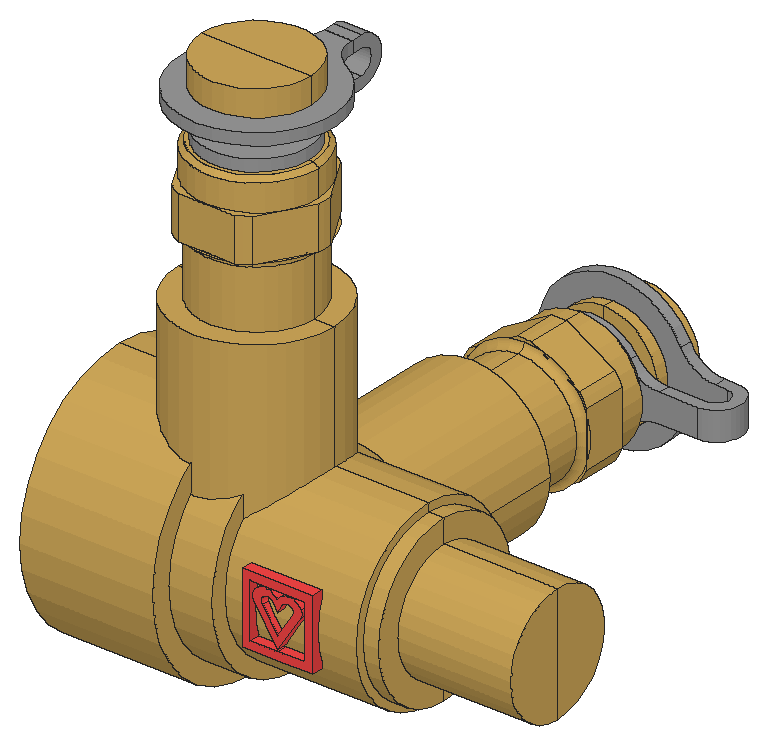
Revit family "Messblende 4000", category Rohrzubehör, Revit 2019
Family settings
  Bemaßung runder Anschluss = Durchmesser verwenden
  Teiletyp = Unterbricht
  OmniClass-Nummer = 23.65.55.14
  OmniClass-Titel = Valves for Liquid Services
  Arbeitsebenenbasiert = Nein
  Immer vertikal = Ja
  Beim Laden mit Abzugskörper schneiden = Nein
  Gemeinsam genutzt = Nein
Parameters
  kvs-Wert [instance] = if(Nennweite = 15.00 mm, 2.2, if(Nennweite = 20.00 mm, 4.25, if(Nennweite = 25.00 mm, 8.6, if(Nennweite = 32.00 mm, 15.9, if(Nennweite = 40.00 mm, 23.7, if(Nennweite = 50.00 mm, 48, 0))))))  # 2.2
  Verwendung = "HERZ-Messblenden werden in die Strangleitungen von Warmwasser- Zentralheizungsanlagen sowie Kühlanlagen eingebaut und ermöglichen den hydraulischen Abgleich der Strangleitungen untereinander.\r\nDer Einsatz der Messblenden ist im Vorlauf als auch im Rücklauf möglich.\r\nSie werden entweder eng gekoppelt an ein HERZ- Strangregulierventil installiert, um ein komplettes Set zu bilden oder in Verbindung mit einer HERZ Absperrarmatur eingesetzt.\r\nDie Einregulierung des Stranges wird durch Einstellen des Strangregulierventiles während der Druckverlustmessung an der Messblende vorgenommen."
  URL = "www.herz-armaturen.at"
  SCRNSEQ = "AWI;AWI_TYP=\"1001\";02"
  SCRNCODE = "02;01;02"  # constant formula
  S03 = 10.00 mm  # constant formula
  S02 [instance] = S01 - 10.00 mm  # 17.50 mm
  S01 [instance] = H01  # 27.50 mm
  R01 [instance] = size_lookup("4000_", "R1", 1.00 mm, Nennweite)  # 10.00 mm
  Nennweite [instance] = 15.00 mm
  Min. Betriebstemperatur = -20 °C  # constant formula
  Messventile = "Messing, CW602N"  # constant formula
  Medium = "Heizungswasserqualität nach ÖNORM H 5195 oder VDI-Richtline 2035.\r\nDie Verwendung von Ethylen- oder Propylenglykol in einem Mischungsverhältnis 25 - 50 Vol.-% ist zulässig."
  Max. Betriebstemperatur (bis DN32) = 130 °C  # constant formula
  Max. Betriebstemperatur (ab DN40) = 110 °C  # constant formula
  Max. Betriebsdruck = 2000000.0 Pa  # constant formula
  LO01 [instance] = if(Nennweite = 15.00 mm, 30.00 mm, if(Nennweite = 20.00 mm, 32.00 mm, if(Nennweite = 25.00 mm, 37.00 mm, if(Nennweite = 32.00 mm, 42.00 mm, if(Nennweite = 40.00 mm, 42.00 mm, if(Nennweite = 50.00 mm, 45.00 mm, 0.00 mm))))))  # 30.00 mm
  L05 [instance] = size_lookup("4000_", "L5", 1.00 mm, Nennweite)  # 23.00 mm
  L04 [instance] = size_lookup("4000_", "L4", 1.00 mm, Nennweite)  # 16.50 mm
  L03 [instance] = size_lookup("4000_", "L3", 1.00 mm, Nennweite)  # 22.60 mm
  L02 [instance] = size_lookup("4000_", "L2", 1.00 mm, Nennweite)  # 17.00 mm
  L01 [instance] = size_lookup("4000_", "L1", 1.00 mm, Nennweite)  # 17.50 mm
  L00 [instance] = size_lookup("4000_", "L", 1.00 mm, Nennweite)  # 56.00 mm
  IG [instance] = Nennweite / 2  # 7.50 mm
  Hersteller = "HERZ Armaturen Ges.m.b.H."  # constant formula
  H01 [instance] = size_lookup("4000_", "H1", 1.00 mm, Nennweite)  # 27.50 mm
  Gehäuse = "Messing, CC770S"  # constant formula
  GT1 [instance] = size_lookup("4000_", "GT1", 1.00 mm, Nennweite)  # 14.50 mm
  GT [instance] = size_lookup("4000_", "GT", 1.00 mm, Nennweite)  # 13.00 mm
  D04 [instance] = D03 - 1.00 mm  # 10.50 mm
  D03 [instance] = size_lookup("4000_", "D3", 1.00 mm, Nennweite)  # 11.50 mm
  D02 [instance] = size_lookup("4000_", "D2", 1.00 mm, Nennweite)  # 13.50 mm
  D01 [instance] = size_lookup("4000_", "D1", 1.00 mm, Nennweite)  # 16.00 mm
  Bestellnummer [instance] = size_lookup("4000_", "Artnr", 0, Nennweite)  # 1400001
  Ausführung = "Die Messblende aus entzinkungsbeständigem Messing besitzt zwei Messventile. Gemäß EN 10226 hat der Eingang ein Innengewinde Rp und der Ausgang ein Außengewinde R."
  AG [instance] = Nennweite / 2  # 7.50 mm
Reference planes
  plane 1 "Mitte (Vorne/hinten)": y = 0
  plane 2: z = 0
  plane 3 "Mitte (Links/rechts)": x = 0
Forms (mm)
  Revolve 1, solid, material "Messing, weicher Gelbton, geschweißt", detail levels fine
    sketch origin (0, 0, 0) x (1, 0, 0) y (0, 0, 1)
      loop
        line (-4.5, 0) -> (38.5, 0) -> (38.5, 7.5) -> (24, 7.5) -> (24, 10.5) -> (22, 10.5) -> (22, 11.5) -> (5.1, 11.5) -> (5.1, 13.5) -> (-0.5, 13.5) -> (-0.5, 16) -> (-17.5, 16) -> (-17.5, 7.5) -> (-4.5, 7.5) -> (-4.5, 0)
      axis (-17.5, 0) -> (38.5, 0)
    angle from 0 to 360
  Revolve 2, solid, material "Messing, weicher Gelbton, geschweißt", detail levels fine
    sketch origin (0, 0, 0) x (1, 0, 0) y (0, 0, 1)
      loop
        line (-10, 7.5) -> (0, 7.5) -> (0, 27.5) -> (-10, 27.5) -> (-10, 7.5)
      axis (0, 27.5) -> (0, 7.5)
    angle from 0 to 360
  Revolve 3, solid, material "Messing, weicher Gelbton, geschweißt", detail levels fine
    sketch origin (0, 0, 0) x (1, 0, 0) y (0, 1, 0)
      loop
        line (5.5, 7.5) -> (15.5, 7.5) -> (15.5, 27.5) -> (5.5, 27.5) -> (5.5, 7.5)
      axis (5.5, 27.5) -> (5.5, 7.5)
    angle from 0 to 360
Lines and regions (mm)
  model lines, detail levels coarse+medium
    curve 1: line (-17.5, 0, 0) -> (0.5, 0, 0)
    curve 2: line (10.5, 0, -27.5) -> (10.5, 0, 27.5)
    curve 3: line (20.5, 0, 17.5) -> (20.5, 0, -17.5)
    curve 4: line (20.5, 0, 0) -> (38.5, 0, 0)
    curve 5: line (0.5, 0, 17.5) -> (0.5, 0, -17.5)
    curve 6: line (-17.5, 0, 0) -> (0.5, 0, 0)
    curve 7: line (10.5, 27.5, 0) -> (10.5, -27.5, 0)
    curve 8: line (0.5, 17.5, 0) -> (0.5, -17.5, 0)
    curve 9: line (20.5, 17.5, 0) -> (20.5, -17.5, 0)
    curve 10: line (20.5, 0, 0) -> (38.5, 0, 0)
Dimensions and locks
  "L00": Revolve 1 sketch curve to Revolve 1 sketch curve
  "GT": Revolve 1 sketch curve to Revolve 1 sketch curve
  "L01": plane 3 "Mitte (Links/rechts)" to Revolve 1 sketch curve
  "GT1": Revolve 1 sketch curve to Revolve 1 sketch curve
  "L02": Revolve 1 sketch curve to Revolve 1 sketch curve
  "L03": Revolve 1 sketch curve to Revolve 1 sketch curve
  "L04": Revolve 1 sketch curve to Revolve 1 sketch curve
  "AG": Revolve 1 sketch curve to plane 2
  "IG": Revolve 1 sketch curve to plane 2
  "D01": Revolve 1 sketch curve to plane 2
  "D02": Revolve 1 sketch curve to plane 2
  "D03": Revolve 1 sketch curve to plane 2
  "D04": Revolve 1 sketch curve to plane 2
  "D03": nested 1 to plane 1 "Mitte (Vorne/hinten)"
  "LO01": Revolve 1 to nested 1
  "IG": Revolve 2 sketch curve to plane 2
  "H01": Revolve 2 sketch curve to plane 2
  "R01": plane 3 "Mitte (Links/rechts)" to Revolve 2 sketch curve
  "H01": nested 2 to plane 2
  "IG": plane 1 "Mitte (Vorne/hinten)" to Revolve 3 sketch curve
  "H01": plane 1 "Mitte (Vorne/hinten)" to Revolve 3 sketch curve
  "R01": Revolve 3 sketch curve to Revolve 3 sketch curve
  "L05": Revolve 1 to Revolve 3 sketch curve  (x2)
  "H01": plane 1 "Mitte (Vorne/hinten)" to nested 3
  "L05": Revolve 1 to nested 3
  "L01": Revolve 1 to nested 2
  "S01": curve 2 to curve 4 to curve 2
  "L00": curve 1 to curve 4
  "S02": curve 3 to curve 4 to curve 3
  "S03": curve 2 to curve 3
  "S03": curve 2 to curve 5
  equal spacing: curve 4, curve 2, curve 1
  "S02": curve 5 to curve 1 to curve 5
  "L01": plane 3 "Mitte (Links/rechts)" to curve 1
  "L00": curve 6 to curve 10
  equal spacing: curve 6, curve 7, curve 10
  "S03": curve 8 to curve 7 to curve 9
  "S02": curve 9 to curve 10 to curve 9
  "S02": curve 8 to curve 6 to curve 8
  "S01": curve 7 to curve 10 to curve 7
  "L01": curve 6 to plane 3 "Mitte (Links/rechts)"
  aligned and locked: level to plane 2
Automatic sketch dimensions
  curve 4 to level = 0.00 mm
  curve 1 to level = 0.00 mm
  plane 1 "Mitte (Vorne/hinten)" to curve 10 = 0.00 mm
  plane 1 "Mitte (Vorne/hinten)" to curve 6 = 0.00 mm
  Revolve 1 sketch curve to level = 0.00 mm  (x2)
  Revolve 1 sketch curve to Revolve 1 sketch curve = 1489.03 mm
  Revolve 1 sketch curve to Revolve 1 sketch curve = 1800.648 mm
  Revolve 2 sketch curve to plane 3 "Mitte (Links/rechts)" = 0.00 mm  (x2)
  Revolve 2 sketch curve to level = 366.045 mm
  Revolve 2 sketch curve to Revolve 2 sketch curve = 2186.815 mm
  Revolve 3 sketch curve to Revolve 3 sketch curve = 0.00 mm  (x2)
Nested families
  nested 1: "Herz-Logo-vorne" at (12.5, -11.5, 0) x (0, 1, 0) z (0, 0, 1), type "Herz-Logo-vorne", detail levels fine
  nested 2: "Messstutzen_Band_Eintritt_senkrecht_(oben)" at (0, 0, 18.5), type "Messstutzen_Band_Eintritt_senkrecht_(oben)", detail levels fine
    with Schutzkappe yes, Nennweite 0.00 mm, Gewicht 0.00 kg, Bestellnummer 0
  nested 3: "Messstutzen_Band_Austritt_waagrecht" at (5.5, 18.5, 0) x (0, -1, 0) z (0, 0, 1), type "Messstutzen_Band_Austritt_waagrecht", detail levels fine
    with Schutzkappe yes, Nennweite 0.00 mm, Gewicht 0.00 kg, Bestellnummer 0
Connectors
  piping at (-4.5, 0, 0), diameter 15, driven by "Nennweite"
    settings: on Revolve 1, index 1, connector inside diameter 609.6 mm, connector length 0.00 mm, flow factor 0, pipe flow 0.0 L/s, pressure drop 0.0 Pa, fitting loss kfactor 0, connector angle 0.00°, fixture units 0, engagement length 0.00 mm, angle of deflection 0.00°, flow configuration 0, flow direction 1, fitting loss method 0, system type 29, joint type 0, gender type 0, connector reference index -1, connector utility 0, adjustable connector no, is connector primary yes, connector description ""
  piping at (38.5, 0, 0), diameter 15, driven by "Nennweite"
    settings: on Revolve 1, index 2, connector inside diameter 609.6 mm, connector length 0.00 mm, flow factor 0, pipe flow 0.0 L/s, pressure drop 0.0 Pa, fitting loss kfactor 0, connector angle 0.00°, fixture units 0, engagement length 0.00 mm, angle of deflection 0.00°, flow configuration 0, flow direction 2, fitting loss method 0, system type 29, joint type 0, gender type 0, connector reference index -1, connector utility 0, adjustable connector no, is connector primary no, connector description ""
Definition of nested family "Herz-Logo-vorne"
  Reference planes
    plane 1 "Mitte (Vorne/hinten)": y = 0
    plane 2: z = 0
    plane 3 "Mitte (Links/rechts)": x = 0
  Forms (mm)
    Extrusion 1, solid
      sketch origin (0.732, -0.018, 0.017) x (0, -1, 0) y (0, 0, 1)
        loop
          line (-0.018, -4.517) -> (4.482, -4.517) -> (4.482, 4.483) -> (-4.518, 4.483) -> (-4.518, -4.517) -> (-0.018, -4.517)
        loop
          line (-0.05, -3.48) -> (3.482, -3.48) -> (3.482, 3.483) -> (-3.518, 3.483) -> (-3.518, -3.48) -> (-0.05, -3.48)
        loop
          arc (-0.018, 2.383) -> (-1.543, 3.287) -> (-3.067, 2.383) r 1.738
          arc (-3.067, 2.383) -> (-3.191, 1.899) -> (-3.067, 1.415) r 1.009
          line (-3.067, 1.415) -> (-0.018, -3.281) -> (3.032, 1.415)
          arc (3.032, 1.415) -> (3.156, 1.899) -> (3.032, 2.383) r 1.009
          arc (3.032, 2.383) -> (1.507, 3.287) -> (-0.018, 2.383) r 1.738
        loop
          arc (1.885, 1.272) -> (2.005, 1.675) -> (1.885, 2.079) r 0.74
          arc (1.885, 2.079) -> (1.265, 2.416) -> (0.644, 2.079) r 0.74
          line (0.644, 2.079) -> (-0.018, 0.97) -> (-0.679, 2.079)
          arc (-0.679, 2.079) -> (-1.3, 2.416) -> (-1.921, 2.079) r 0.74
          arc (-1.921, 2.079) -> (-2.04, 1.675) -> (-1.921, 1.272) r 0.74
          line (-1.921, 1.272) -> (-0.018, -1.658) -> (1.885, 1.272)
      from 0 to 1.5
  Dimensions and locks
    aligned and locked: level to plane 2
Definition of nested family "Messstutzen_Band_Eintritt_senkrecht_(oben)"
  Parameters (values of type "Messstutzen_Band_Eintritt_senkrecht_(oben)")
    URL = "www.herz-armaturen.at"
    Schutzkappe [instance] = yes
    Nennweite [instance] = 0.00 mm
    Manufacturer = "Herz Armaturen GmbH"  # constant formula
    Gewicht [instance] = 0.00 kg
    Bestellnummer [instance] = 0
  Reference planes
    plane 1 "Mitte (Vorne/hinten)": y = 0
    plane 2: z = 0
    plane 3 "Mitte (Links/rechts)": x = 0
    plane 4 "Schlaufe 1": z = -27
    plane 5 "Schlaufe 2": z = -31.678
  Forms (mm)
    Revolve 1, solid, detail levels fine
      sketch origin (0, 0, 0) x (1, 0, 0) y (0, 0, 1)
        loop
          line (-7.4, 9) -> (-5.55, 9) -> (-5.55, 6)
          arc (-5.55, 6) -> (-5.626, 5.617) -> (-5.843, 5.293) r 1
          line (-5.843, 5.293) -> (-6.455, 4.681) -> (-6.455, 0.9) -> (-5.555, 0) -> (-2, 0) -> (-2, 17.5) -> (-8.4, 17.5)
          arc (-8.4, 17.5) -> (-7.693, 17.207) -> (-7.4, 16.5) r 1
          line (-7.4, 16.5) -> (-7.4, 9)
        loop
          line (-3.7, 27) -> (-7.3, 27) -> (-7.9, 26.4) -> (-7.9, 23) -> (-2, 23) -> (-2, 35.8) -> (-3.805, 35.8) -> (-4.415, 35.19) -> (-4.415, 30.863) -> (-3.7, 30.45) -> (-3.7, 27)
        axis (0, 0) -> (0, 35.8)
      angle from 0 to 360
    Extrusion 2, solid, detail levels fine
      sketch origin (0, 0, 17.5) x (0, 1, 0) y (-1, 0, 0)
        loop
          arc (-7.07, 5.156) -> (-7.578, 4.375) -> (-8, 3.544) r 8.75
          line (-8, 3.544) -> (-8, -3.544)
          arc (-8, -3.544) -> (-7.578, -4.375) -> (-7.07, -5.156) r 8.75
          line (-7.07, -5.156) -> (-0.93, -8.7)
          arc (-0.93, -8.7) -> (0, -8.75) -> (0.93, -8.7) r 8.75
          line (0.93, -8.7) -> (7.07, -5.156)
          arc (7.07, -5.156) -> (7.578, -4.375) -> (8, -3.544) r 8.75
          line (8, -3.544) -> (8, 3.544)
          arc (8, 3.544) -> (7.578, 4.375) -> (7.07, 5.156) r 8.75
          line (7.07, 5.156) -> (0.93, 8.7)
          arc (0.93, 8.7) -> (0, 8.75) -> (-0.93, 8.7) r 8.75
          line (-0.93, 8.7) -> (-7.07, 5.156)
      from 0 to 5.5
    Revolve 3, solid, visible <- "Schutzkappe", detail levels fine
      sketch origin (0, 0, 0) x (1, 0, 0) y (0, 0, 1)
        loop
          line (0, 35.878) -> (0, 36.678) -> (-7, 36.678) -> (-7, 33.378) -> (-6.1, 33.378) -> (-6.1, 31.678) -> (-6.9, 31.678) -> (-6.9, 30.178) -> (-4.415, 30.178) -> (-4.415, 35.268) -> (-3.805, 35.878) -> (0, 35.878)
        axis (0, 30.178) -> (0, 36.678)
      angle from 0 to 360
    Extrusion 4, solid, detail levels fine
      sketch origin (0, 0, 28.5) x (1, 0, 0) y (0, 1, 0)
        loop
          circle (0, 0) r 3.7
        loop
          arc (-3.906, 5.505) -> (0, -6.75) -> (3.906, 5.505) r 6.75
          arc (3.906, 5.505) -> (2.358, 7.288) -> (1.8, 9.582) r 5
          line (1.8, 9.582) -> (-1.8, 9.582)
          arc (-1.8, 9.582) -> (-2.358, 7.288) -> (-3.906, 5.505) r 5
      from 0 to -1.5
    Extrusion 5, solid, detail levels fine
      sketch origin (0, 0, 33.178) x (1, 0, 0) y (0, 1, 0)
        loop
          circle (0, 0) r 6.1
        loop
          arc (-4.495, 8.652) -> (0, -9.75) -> (4.495, 8.652) r 9.75
          arc (4.495, 8.652) -> (2.527, 10.493) -> (1.8, 13.089) r 5
          line (1.8, 13.089) -> (-1.8, 13.089)
          arc (-1.8, 13.089) -> (-2.527, 10.493) -> (-4.495, 8.652) r 5
      from 0 to -1.5
    Sweep 6, solid, detail levels fine
      path origin (0, 0, 0) x (0, 0, -1) y (0, -1, 0)
        loop
          line (-27.75, -9.582) -> (-27.75, -14.522)
          arc (-27.75, -14.522) -> (-30.089, -16.862) -> (-32.428, -14.522) r 2.339
          line (-32.428, -14.522) -> (-32.428, -13.089)
      profile origin (0, 12.052, 27.75) x (0, 0, 1) y (1, 0, 0)
        loop
          line (-0.75, -1.8) -> (0.75, -1.8) -> (0.75, 1.8) -> (-0.75, 1.8) -> (-0.75, -1.8)
  Dimensions and locks
    aligned and locked: level to plane 2
Definition of nested family "Messstutzen_Band_Austritt_waagrecht"
  Parameters (values of type "Messstutzen_Band_Austritt_waagrecht")
    URL = "www.herz-armaturen.at"
    Schutzkappe [instance] = yes
    Nennweite [instance] = 0.00 mm
    Manufacturer = "Herz Armaturen GmbH"  # constant formula
    Gewicht [instance] = 0.00 kg
    Bestellnummer [instance] = 0
  Reference planes
    plane 1 "Mitte (Vorne/hinten)": y = 0
    plane 2: z = 0
    plane 3 "Mitte (Links/rechts)": x = 0
  Forms (mm)
    Revolve 1, solid, detail levels fine
      sketch origin (0, 0, 0) x (0, 0, -1) y (1, 0, 0)
        loop
          line (-7.4, -9) -> (-7.4, -16.5)
          arc (-7.4, -16.5) -> (-7.693, -17.207) -> (-8.4, -17.5) r 1
          line (-8.4, -17.5) -> (-2, -17.5) -> (-2, 0) -> (-5.555, 0) -> (-6.455, -0.9) -> (-6.455, -4.681) -> (-5.843, -5.293)
          arc (-5.843, -5.293) -> (-5.626, -5.617) -> (-5.55, -6) r 1
          line (-5.55, -6) -> (-5.55, -9) -> (-7.4, -9)
        loop
          line (-3.7, -27) -> (-3.7, -30.45) -> (-4.415, -30.863) -> (-4.415, -35.19) -> (-3.805, -35.8) -> (-2, -35.8) -> (-2, -23) -> (-7.9, -23) -> (-7.9, -26.4) -> (-7.3, -27) -> (-3.7, -27)
        axis (0, 0) -> (0, -35.8)
      angle from 0 to 360
    Extrusion 2, solid, detail levels fine
      sketch origin (-17.5, 0, 0) x (0, 0, 1) y (0, 1, 0)
        loop
          line (5.156, -7.07) -> (8.7, -0.93)
          arc (8.7, -0.93) -> (8.75, 0) -> (8.7, 0.93) r 8.75
          line (8.7, 0.93) -> (5.156, 7.07)
          arc (5.156, 7.07) -> (4.375, 7.578) -> (3.544, 8) r 8.75
          line (3.544, 8) -> (-3.544, 8)
          arc (-3.544, 8) -> (-4.375, 7.578) -> (-5.156, 7.07) r 8.75
          line (-5.156, 7.07) -> (-8.7, 0.93)
          arc (-8.7, 0.93) -> (-8.75, 0) -> (-8.7, -0.93) r 8.75
          line (-8.7, -0.93) -> (-5.156, -7.07)
          arc (-5.156, -7.07) -> (-4.375, -7.578) -> (-3.544, -8) r 8.75
          line (-3.544, -8) -> (3.544, -8)
          arc (3.544, -8) -> (4.375, -7.578) -> (5.156, -7.07) r 8.75
      from 0 to 5.5
    Revolve 3, solid, visible <- "Schutzkappe", detail levels fine
      sketch origin (0, 0, 0) x (0, 0, -1) y (1, 0, 0)
        loop
          line (0, -35.878) -> (-3.805, -35.878) -> (-4.415, -35.268) -> (-4.415, -30.178) -> (-6.9, -30.178) -> (-6.9, -31.678) -> (-6.1, -31.678) -> (-6.1, -33.378) -> (-7, -33.378) -> (-7, -36.678) -> (0, -36.678) -> (0, -35.878)
        axis (0, -30.178) -> (0, -36.678)
      angle from 0 to 360
    Extrusion 4, solid, detail levels fine
      sketch origin (-27, 0, 0) x (0, 1, 0) y (0, 0, 1)
        loop
          circle (0, 0) r 3.7
        loop
          arc (5.505, 3.906) -> (-6.75, 0) -> (5.505, -3.906) r 6.75
          arc (5.505, -3.906) -> (7.288, -2.358) -> (9.582, -1.8) r 5
          line (9.582, -1.8) -> (9.582, 1.8)
          arc (9.582, 1.8) -> (7.288, 2.358) -> (5.505, 3.906) r 5
      from 0 to -1.5
    Extrusion 5, solid, detail levels fine
      sketch origin (-31.678, 0, 0) x (0, 1, 0) y (0, 0, 1)
        loop
          circle (0, 0) r 6.1
        loop
          arc (8.652, 4.495) -> (-9.75, 0) -> (8.652, -4.495) r 9.75
          arc (8.652, -4.495) -> (10.493, -2.527) -> (13.089, -1.8) r 5
          line (13.089, -1.8) -> (13.089, 1.8)
          arc (13.089, 1.8) -> (10.493, 2.527) -> (8.652, 4.495) r 5
      from 0 to -1.5
    Sweep 6, solid, detail levels fine
      path origin (0, 0, 0) x (0, -1, 0) y (1, 0, 0)
        loop
          line (-9.582, -27.75) -> (-14.522, -27.75)
          arc (-14.522, -27.75) -> (-16.862, -30.089) -> (-14.522, -32.428) r 2.339
          line (-14.522, -32.428) -> (-13.089, -32.428)
      profile origin (-27.75, 12.052, 0) x (-1, 0, 0) y (0, 0, 1)
        loop
          line (-0.75, 1.8) -> (-0.75, -1.8) -> (0.75, -1.8) -> (0.75, 1.8) -> (-0.75, 1.8)
  Cuts and joins
    joined: Extrusion 4, Extrusion 5, Sweep 6
  Dimensions and locks
    aligned and locked: level to plane 2
